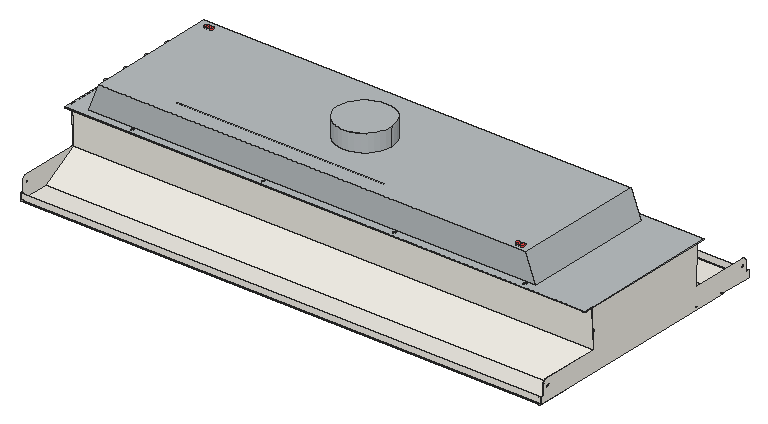
Revit family "NLRS_57_AIR_UN_induction-unit-okni600_LT_sacs", category Mechanical Equipment, Revit 2020
Family settings
  Round Connector Dimension = Use Diameter
  Classification = None
  Part Type = Normal
  OmniClass Number = 23.75.00.00
  OmniClass Title = Climate Control (HVAC)
  Work Plane-Based = No
  Always vertical = Yes
  Cut with Voids When Loaded = No
  Shared = No
  Room Calculation Point = No
Parameters (values of type "600-1200")
  Type Comments = "Do not mirror the model!"  # constant formula
  SACS_Type_Toggle = no
  SACS_Type_Mark [instance] = ""
  SACS_Standard_Color [instance] = yes
  SACS_Real_Width = 595.00 mm  # constant formula
  SACS_Real_Length [instance] = if(Requested length < SACS_Length_X2, SACS_Length_X2, if(Requested length > 2995.00 mm, 2995.00 mm, Requested length))  # 1195.00 mm
  SACS_Plenum_Offset = 555.00 mm
  SACS_Plenum_Material = Sendzimir verzinkt
  SACS_Plenum_L = 980.00 mm
  SACS_Option_4 [instance] = if([Flow configuration (1-3)] < 2, "2-sided", if([Flow configuration (1-3)] = 2, "1-sided left", "1-sided right"))  # "2-sided"
  SACS_Option_2 [instance] = if(Extravent, "AD", if([Nozzle plate type (1-7)] < 2, "A1", if([Nozzle plate type (1-7)] = 2, "A2", if([Nozzle plate type (1-7)] = 3, "B1", if([Nozzle plate type (1-7)] = 4, "B2", if([Nozzle plate type (1-7)] = 5, "B3", if([Nozzle plate type (1-7)] = 6, "C1", "C2")))))))  # "A1"
  SACS_Offset2 = 35.00 mm  # constant formula
  SACS_Offset1 = if(SACS_Base_Index > 2, 55.00 mm, 35.00 mm)  # 35.00 mm
  SACS_Model [instance] = size_lookup(SACS_Data_Hidden, "Model", "NB", SACS_Base_Index * 1.00 mm, SACS_Index1, SACS_Index2, SACS_Index3, SACS_Index4, SACS_Real_Width, SACS_Index5, SACS_Index6)  # "OKNI 600/1200 A1K2 TO32 O1O 595x1195 RAL9010-55"
  SACS_Logo_X = SACS_Plenum_L / 2 - 25.00 mm  # 465.00 mm
  SACS_Length_X2 = 1090.00 mm
  SACS_Length_X [instance] = if(or(SACS_Base_Index = 2, and(not(Extravent), SACS_Base_Index < 4)), 225.00 mm, 300.00 mm)  # 225.00 mm
  SACS_Length_STD = 1195.00 mm
  SACS_Index6 [instance] = if(SACS_Standard_Color, 1.00 mm, 0.00 mm)  # 1.00 mm
  SACS_Index5 [instance] = if(SACS_Real_Length = SACS_Length_STD, SACS_Length_STD, 0.00 mm)  # 1195.00 mm
  SACS_Index4 [instance] = if([Plenum type (1-3)] < 2, 1.00 mm, if([Plenum type (1-3)] = 2, 2.00 mm, 3.00 mm))  # 1.00 mm
  SACS_Index3 [instance] = if([Flow configuration (1-3)] < 2, 1.00 mm, if([Flow configuration (1-3)] = 2, 2.00 mm, 3.00 mm))  # 1.00 mm
  SACS_Index2 [instance] = if([Heat exchanger type (1-3)] < 2, 1.00 mm, if([Heat exchanger type (1-3)] = 2, 2.00 mm, 3.00 mm))  # 1.00 mm
  SACS_Index1 [instance] = if(Extravent, 0.00 mm, if([Nozzle plate type (1-7)] < 2, 1.00 mm, if([Nozzle plate type (1-7)] > 6, 7.00 mm, [Nozzle plate type (1-7)] * 1.00 mm)))  # 1.00 mm
  SACS_Height2 [instance] = if(Extravent, 80.00 mm, 60.00 mm)  # 60.00 mm
  SACS_Height1 [instance] = if(or(and(not(Extravent), SACS_Base_Index < 4), SACS_Base_Index = 1), 265.00 mm, if(SACS_Base_Index = 5, 340.00 mm, 300.00 mm))  # 265.00 mm
  SACS_Flange_Color [instance] = RAL9010
  SACS_Face_Color [instance] = RAL9010 Perforated
  SACS_Data_Hidden [instance] = if(Extravent, "OKNI_600_Extravent", "OKNI_600_Fixed")  # "OKNI_600_Fixed"
  SACS_Custom_Color [instance] = ""
  SACS_Connector_Base_Rotation [instance] = if([Plenum type (1-3)] < 2, 90.00°, if([Plenum type (1-3)] = 2, 180.00°, 0.00°))  # 90.00°
  SACS_Connecter_Height_Offset [instance] = if([Plenum type (1-3)] > 1, (SACS_Height1 - SACS_Diameter / 2) - 2.00 mm, SACS_Height2 - 14.00 mm)  # 46.00 mm
  SACS_Color_Ral [instance] = yes
  SACS_Color [instance] = if(SACS_Standard_Color, "Ral 9010-55", SACS_Custom_Color)  # "Ral 9010-55"
  SACS_Base_Index = 1
  SACS_Article_Code [instance] = size_lookup(SACS_Data_Hidden, "", "NB", SACS_Base_Index * 1.00 mm, SACS_Index1, SACS_Index2, SACS_Index3, SACS_Index4, SACS_Real_Width, SACS_Index5, SACS_Index6)  # "9001000306"
  SA-Select [instance] = "https://selectietool.solid-air.nl/Dashboard/CPMDashPage/Show/6"
  NLRS_P_c04_diameter [instance] = NLRS_P_c03_diameter  # 12.00 mm
  NLRS_P_c03_volumestroom [instance] = 0.0 L/s
  NLRS_P_c03_drukverlies_statisch [instance] = 0.0 Pa
  NLRS_P_c03_diameter [instance] = 12.00 mm  # constant formula
  NLRS_P_c02_diameter [instance] = NLRS_P_c01_diameter  # 12.00 mm
  NLRS_P_c01_volumestroom [instance] = 0.0 L/s
  NLRS_P_c01_drukverlies_statisch [instance] = 0.0 Pa
  NLRS_P_c01_diameter [instance] = if(SACS_Base_Index < 3, 12.00 mm, 15.00 mm)  # 12.00 mm
  NLRS_M_c01_drukverlies_statisch [instance] = 0.0 Pa
  NLRS_M_c01_debiet [instance] = 0.0 L/s
  NLRS_C_model [instance] = SACS_Model  # "OKNI 600/1200 A1K2 TO32 O1O 595x1195 RAL9010-55"
  NLRS_C_materiaal_kleur [instance] = SACS_Color  # "Ral 9010-55"
  NLRS_C_content_versie = "3.20.01"  # constant formula
  NLRS_C_content_provider = "Solid Air Climate Solutions"  # constant formula
  NLRS_C_content_datum_uitgifte = "30-05-2023"  # constant formula
  NLRS_C_content_creator = "J. Feeke"  # constant formula
  Model = "Solid Air Induction Unit OKNI 600"  # constant formula
  Minumum length OKNI [instance] = SACS_Length_X2  # 1090.00 mm
  Manufacturer = "Solid Air Climate Solutions"  # constant formula
  LoadBearing = 1 = 0  # no
  IfcExportType = "DIFFUSER"  # constant formula
  IfcExportAs = "IfcAirTerminalType"  # constant formula
  IfcDescription = Description  # "Induction unit for use in modular ceilings, Type OKNI 600"
  Heat exchanger type (1-3) [instance] = 1
  Nozzle plate type (1-7) [instance] = 1
  Plenum type (1-3) [instance] = 1
  Flow configuration (1-3) [instance] = 1
  Requested length [instance] = 1195.00 mm
  URL = "https://solid-air.nl/producten/solid-air-inductie-units-okni-450-600/"
  SACS_Option_3 [instance] = if([Heat exchanger type (1-3)] < 2, "K (cooling)", if([Heat exchanger type (1-3)] = 2, "V (cooling & heating)", "O (none)"))  # "K (cooling)"
  SACS_Option_1 [instance] = if(not(Extravent), "Fixed", "Adjustable")  # "Fixed"
  SACS_Diameter [instance] = NLRS_M_c01_diameter - 2.00 mm  # 123.00 mm
  SACS_Connection_Side [instance] = if([Plenum type (1-3)] < 2, "T (top connection)", if([Plenum type (1-3)] = 2, "L (left)", "R (right)"))  # "T (top connection)"
  SACS_Checked_Array_Count [instance] = if(SACS_Real_Length / 300.00 mm < 2, 2, SACS_Real_Length / 300.00 mm)  # 4
  NLRS_M_c01_diameter [instance] = if(SACS_Base_Index = 1, 125.00 mm, if(SACS_Base_Index = 5, 200.00 mm, if(Extravent, 160.00 mm, if(SACS_Base_Index = 4, 160.00 mm, 125.00 mm))))  # 125.00 mm
  FireRating = "00"  # constant formula
  Description = "Induction unit for use in modular ceilings, Type OKNI 600"  # constant formula
  Default Elevation = 0.00 mm
  Ceiling raster width [instance] = SACS_Real_Width + 5.00 mm  # 600.00 mm
  Ceiling raster length [instance] = SACS_Real_Length + 5.00 mm  # 1200.00 mm
  Assembly Code = "57.00"
  Extravent [instance] = no
Types (6, lengths in mm): name | SACS_Real_Length | SACS_Plenum_Offset | SACS_Plenum_L | SACS_Offset1 | SACS_Model | SACS_Logo_X | SACS_Length_X2 | SACS_Length_X | SACS_Length_STD | SACS_Index5 | SACS_Height1 | SACS_Base_Index | SACS_Article_Code | NLRS_P_c02_diameter | NLRS_P_c01_diameter | NLRS_C_model | Minumum length OKNI | Requested length | SACS_Diameter | SACS_Checked_Array_Count | NLRS_M_c01_diameter | Ceiling raster length
  (no name) | 1195.00 | 555.00 | 980.00 | 35.00 | "OKNI 600/1200 A1K2 TO32 O1O 595x1195 RAL9010-55" | 465.00 | 1090.00 | 225.00 | 1195.00 | 1195.00 | 265.00 | 1 | "9001000306" | 12.00 | 12.00 | "OKNI 600/1200 A1K2 TO32 O1O 595x1195 RAL9010-55" | 1090.00 | 1195.00 | 123.00 | 4 | 125.00 | 1200.00
  600-1200 | 1195.00 | 555.00 | 980.00 | 35.00 | "OKNI 600/1200 A1K2 TO32 O1O 595x1195 RAL9010-55" | 465.00 | 1090.00 | 225.00 | 1195.00 | 1195.00 | 265.00 | 1 | "9001000306" | 12.00 | 12.00 | "OKNI 600/1200 A1K2 TO32 O1O 595x1195 RAL9010-55" | 1090.00 | 1195.00 | 123.00 | 4 | 125.00 | 1200.00
  600-1500 | 1495.00 | 705.00 | 1280.00 | 35.00 | "OKNI 600/1500 A1K2 TO32 O1O 595x1495 RAL9010-55" | 615.00 | 1390.00 | 225.00 | 1495.00 | 1495.00 | 265.00 | 2 | "9001000307" | 12.00 | 12.00 | "OKNI 600/1500 A1K2 TO32 O1O 595x1495 RAL9010-55" | 1390.00 | 1495.00 | 123.00 | 5 | 125.00 | 1500.00
  600-1800 | 1795.00 | 840.00 | 1510.00 | 55.00 | "OKNI 600/1800 A1K2 TO32 O1O 595x1795 RAL9010-55" | 730.00 | 1640.00 | 225.00 | 1795.00 | 1795.00 | 265.00 | 3 | "9001000308" | 15.00 | 15.00 | "OKNI 600/1800 A1K2 TO32 O1O 595x1795 RAL9010-55" | 1640.00 | 1795.00 | 123.00 | 6 | 125.00 | 1800.00
  600-2400 | 2395.00 | 1140.00 | 2110.00 | 55.00 | "OKNI 600/2400 A1K2 TO42 O1O 595x2395 RAL9010-55" | 1030.00 | 2240.00 | 300.00 | 2395.00 | 2395.00 | 300.00 | 4 | "9001000309" | 15.00 | 15.00 | "OKNI 600/2400 A1K2 TO42 O1O 595x2395 RAL9010-55" | 2240.00 | 2395.00 | 158.00 | 8 | 160.00 | 2400.00
  600-3000 | 2995.00 | 1440.00 | 2710.00 | 55.00 | "OKNI 600/3000 A1K2 TO52 O1O 595x2995 RAL9010-55" | 1330.00 | 2840.00 | 300.00 | 2995.00 | 2995.00 | 340.00 | 5 | "9001000131" | 15.00 | 15.00 | "OKNI 600/3000 A1K2 TO52 O1O 595x2995 RAL9010-55" | 2840.00 | 2995.00 | 198.00 | 10 | 200.00 | 3000.00
Reference planes
  plane 1 "Center (Front/Back)": y = 0
  plane 2: z = 0
  plane 3 "Center (Left/Right)": x = 0
  plane 4 "Grid_Length_Left": x = -600
  plane 5 "Grid_Length_Right": x = 600
  plane 6 "Front": y = -297.5
  plane 7 "Line_Offset": z = 46
  plane 8 "Back": y = 297.5
  plane 9: x = -597.5
  plane 10: x = 597.5
  plane 11 "Left Holes": x = -450
  plane 12 "Hole_offset": x = -150
  plane 13 "Center_Plenum_X": x = -45
  plane 14 "Grid_Width_Back": y = 300
  plane 15 "Grid_Width_Front": y = -300
Forms (mm)
  Extrusion 1, solid, material "RAL9010 Perforated" <- "SACS_Face_Color", detail levels medium+fine
    sketch origin (-72.5, 50, 0) x (1, 0, 0) y (0, 1, 0)
      loop
        line (-524, 48.45) -> (-524, -148.45) -> (669, -148.45) -> (669, 48.45) -> (-524, 48.45)
    from 1 to 2
  Extrusion 2, solid, material "Sendzimir verzinkt" <- "SACS_Plenum_Material", detail levels medium+fine
    sketch origin (0, 0, 0) x (1, 0, 0) y (0, 1, 0)
      loop
        line (-597.5, 169.5) -> (-597.5, -169.5) -> (597.5, -169.5) -> (597.5, 169.5) -> (-597.5, 169.5)
    from 135 to 136
  Extrusion 3, solid, material "Copper", detail levels medium+fine
    sketch origin (0, 0, 0) x (1, 0, 0) y (0, 1, 0)
      loop
        circle (-565, 88) r 6
      loop
        circle (-565, 30) r 6
      loop
        circle (-565, -30) r 6
      loop
        circle (-565, -88) r 6
    from 136 to 166
  Sweep 4, solid, material "RAL9010" <- "SACS_Flange_Color", detail levels medium+fine
    path in 3D
      loop
        line (-596.5, 0, 0) -> (596.5, 0, 0)
    profile "profile okni_Side 600 : profile okni_Side 600" origin (0, 0, 0) x (0, 1, 0) y (0, 0, 1)
      loop
        line (98.45, 0.7) -> (151.767, 0.7)
        arc (151.767, 0.7) -> (153.699, 2.182) -> (152.768, 4.432) r 2
        line (152.768, 4.432) -> (117.75, 24.834)
        arc (117.75, 24.834) -> (117.384, 25.2) -> (117.25, 25.7) r 1
        line (117.25, 25.7) -> (117.25, 68.25) -> (116.25, 68.25) -> (116.25, 25.7)
        arc (116.25, 25.7) -> (116.518, 24.7) -> (117.249, 23.968) r 2
        line (117.249, 23.968) -> (152.268, 3.566)
        arc (152.268, 3.566) -> (152.733, 2.441) -> (151.767, 1.7) r 1
        line (151.767, 1.7) -> (98.45, 1.7) -> (98.45, 0.7)
      loop
        line (297.5, 1.75) -> (297.5, 16) -> (296.5, 16) -> (296.5, 1.824)
        arc (296.5, 1.824) -> (296.24, 1.197) -> (295.614, 0.937) r 0.886
        line (295.614, 0.937) -> (226, 0.937) -> (146.5, 47) -> (149.5, 133.991) -> (169.5, 133.991) -> (169.5, 135) -> (148.534, 135) -> (145.48, 46.435) -> (225.623, 0) -> (295.75, 0)
        arc (295.75, 0) -> (296.987, 0.513) -> (297.5, 1.75) r 1.75
      loop
        line (-98.45, 0.7) -> (-98.45, 1.7) -> (-151.767, 1.7)
        arc (-151.767, 1.7) -> (-152.733, 2.441) -> (-152.268, 3.566) r 1
        line (-152.268, 3.566) -> (-117.249, 23.968)
        arc (-117.249, 23.968) -> (-116.518, 24.7) -> (-116.25, 25.7) r 2
        line (-116.25, 25.7) -> (-116.25, 68.25) -> (-117.25, 68.25) -> (-117.25, 25.7)
        arc (-117.25, 25.7) -> (-117.384, 25.2) -> (-117.75, 24.834) r 1
        line (-117.75, 24.834) -> (-152.768, 4.432)
        arc (-152.768, 4.432) -> (-153.699, 2.182) -> (-151.767, 0.7) r 2
        line (-151.767, 0.7) -> (-98.45, 0.7)
      loop
        arc (-297.5, 1.75) -> (-296.987, 0.513) -> (-295.75, 0) r 1.75
        line (-295.75, 0) -> (-225.623, 0) -> (-145.48, 46.435) -> (-148.534, 135) -> (-169.5, 135) -> (-169.5, 133.991) -> (-149.5, 133.991) -> (-146.5, 47) -> (-226, 0.937) -> (-295.614, 0.937)
        arc (-295.614, 0.937) -> (-296.24, 1.197) -> (-296.5, 1.824) r 0.886
        line (-296.5, 1.824) -> (-296.5, 16) -> (-297.5, 16) -> (-297.5, 1.75)
  Extrusion 5, solid, material "Sendzimir verzinkt" <- "SACS_Plenum_Material", detail levels medium+fine
    sketch origin (-45, 0, 196) x (1, 0, 0) y (0, 1, 0)
      loop
        circle (0, 0.066) r 61.5
    from 0 to 40
Lines and regions (mm)
  model lines, style "MechanicalEquipmentHiddenLines", not visible
    curve 1: line (-596.5, 0, 0) -> (596.5, 0, 0)
  sketch lines
    curve 2: line (-596.5, 0, 0) -> (596.5, 0, 0)
  reference lines
    curve 3: line (-45, 0, 46) -> (-45, 0, 196)
Dimensions and locks
  "SACS_Connecter_Height_Offset": plane 7 "Line_Offset" to level
  equal spacing: Extrusion 3 sketch curve, plane 1 "Center (Front/Back)", Extrusion 3 sketch curve  (x2)
  locked: Extrusion 3 sketch curve to Extrusion 3 sketch curve at 60
  "SACS_Offset1": plane 4 "Grid_Length_Left" to Extrusion 3 sketch curve  (x2)
  locked: Extrusion 3 sketch curve to Extrusion 3 sketch curve at 176
  plane 1 "Center (Front/Back)" to Extrusion 1 sketch curve = 98.45 mm  (x2)
  locked: Extrusion 1 sketch curve to plane 5 "Grid_Length_Right" at 3.5
  locked: plane 4 "Grid_Length_Left" to Extrusion 1 sketch curve at 3.5
  equal spacing: plane 4 "Grid_Length_Left", plane 3 "Center (Left/Right)", plane 5 "Grid_Length_Right"  (x2)
  "Ceiling raster length": plane 4 "Grid_Length_Left" to plane 5 "Grid_Length_Right"
  locked: plane 4 "Grid_Length_Left" to plane 11 "Left Holes" at 150
  locked: plane 11 "Left Holes" to plane 12 "Hole_offset" at 300
  equal spacing: group 1, group 2, group 3, group 4  (x3)
  "SACS_Offset2": plane 4 "Grid_Length_Left" to Extrusion 3 sketch curve  (x2)
  locked: plane 4 "Grid_Length_Left" to plane 9 at 2.5
  locked: plane 10 to plane 5 "Grid_Length_Right" at 2.5
  Extrusion 2 sketch curve to plane 1 "Center (Front/Back)" to Extrusion 2 sketch curve = 169.50 mm locked, 169.50 mm locked
  locked: curve 1 to plane 5 "Grid_Length_Right" at 3.5
  locked: curve 1 to plane 4 "Grid_Length_Left" at 3.5
  "SACS_Plenum_Offset": plane 4 "Grid_Length_Left" to plane 13 "Center_Plenum_X"
  locked: curve 3 to curve 3 at 150
  locked: curve 3 to plane 7 "Line_Offset"
  locked: curve 3 to plane 1 "Center (Front/Back)"
  equal spacing: plane 14 "Grid_Width_Back", plane 1 "Center (Front/Back)", plane 15 "Grid_Width_Front"
  "Ceiling raster width": plane 14 "Grid_Width_Back" to plane 15 "Grid_Width_Front"
  locked: plane 14 "Grid_Width_Back" to plane 8 "Back" at 2.5
  locked: plane 6 "Front" to plane 15 "Grid_Width_Front" at 2.5
  "SACS_Logo_X": nested 9 to plane 13 "Center_Plenum_X"
  locked: plane 1 "Center (Front/Back)" to nested 9 at 135
  "SACS_Logo_X": plane 13 "Center_Plenum_X" to nested 10
  locked: nested 10 to plane 1 "Center (Front/Back)" at 135
  "NLRS_P_c01_diameter": diameter of Extrusion 3 sketch curve  (x2)
  "NLRS_P_c03_diameter": diameter of Extrusion 3 sketch curve  (x2)
  "SACS_Diameter": diameter of Extrusion 5 sketch curve
  "SACS_Connector_Base_Rotation": angle curve 3 to plane 7 "Line_Offset"
  aligned and locked: level to plane 2
  aligned and locked: plane 11 "Left Holes" to nested 1
  aligned and locked: plane 12 "Hole_offset" to nested 2
  aligned and locked: Extrusion 2 sketch curve to plane 10
  aligned and locked: plane 9 to Extrusion 2 sketch curve
  aligned and locked: plane 1 "Center (Front/Back)" to nested 7
  aligned and locked: plane 3 "Center (Left/Right)" to nested 8
  aligned and locked: nested 8 to plane 1 "Center (Front/Back)"
  aligned and locked: nested 5 to plane 1 "Center (Front/Back)"
  aligned and locked: nested 5 to plane 9
  aligned and locked: plane 1 "Center (Front/Back)" to nested 6
  aligned and locked: plane 10 to nested 6
  aligned and locked: plane 13 "Center_Plenum_X" to nested 7
Automatic sketch dimensions
  plane 1 "Center (Front/Back)" to curve 1 = 0.00 mm
  Extrusion 5 sketch curve to plane 13 "Center_Plenum_X" = 0.00 mm
  Extrusion 5 sketch curve to plane 1 "Center (Front/Back)" = 0.066 mm
Nested families
  nested 1: "Okni_hanger_holes 600" at (-450, 0, 136), type "Okni_hanger_holes"
  nested 2: "Okni_hanger_holes 600" at (-150, 0, 136), type "Okni_hanger_holes"
  nested 3: "Okni_hanger_holes 600" at (150, 0, 136), type "Okni_hanger_holes"
  nested 4: "Okni_hanger_holes 600" at (450, 0, 136), type "Okni_hanger_holes"
  nested 5: "Okni_Sideplate 600" at (-596.5, 0, 0) x (-1, 0, 0) z (0, 0, 1), type "Okni_Sideplate 600", detail levels medium+fine
  nested 6: "Okni_Sideplate 600" at (596.5, 0, 0), type "Okni_Sideplate 600", detail levels medium+fine
  nested 7: "Okni_Plenum 600" at (-45, 0, 136), type "Okni_Plenum", detail levels medium+fine
  nested 8: "Supply_Arrows_OKNI" at (0, 0, 0) x (0, 1, 0) z (0, 0, 1), type "Supply_Arrows_OKNI"
  nested 9: "logo_single" at (-510, 135, 196), type "logo_single", detail levels medium+fine
  nested 10: "logo_single" at (420, -135, 196), type "logo_single", detail levels medium+fine
Connectors
  hvac at (-45, 0.066, 196), driven by "NLRS_M_c01_diameter", driven by "NLRS_M_c01_drukverlies_statisch", driven by "NLRS_M_c01_debiet"
    settings: on Extrusion 5, index 1, duct flow 0.0 L/s, flow factor 0, pres drop 0.0 Pa, loss coef 0, conn angle 0.00°, conn width 304.8 mm, conn height 304.8 mm, conn diameter 125 mm, duct sys type 1, conn prof type 0, flow config 1, flow direction 1, loss method 4, conn ref index -1, conn util no, is conn primary yes, conn desc ""
  piping at (-565, 30, 166), diameter 12, driven by "NLRS_P_c04_diameter", driven by "NLRS_P_c03_drukverlies_statisch", driven by "NLRS_P_c03_volumestroom"
    settings: on Extrusion 3, index 2, connector inside diameter 609.6 mm, connector length 0.00 mm, flow factor 0, pipe flow 0.0 L/s, pressure drop 0.0 Pa, fitting loss kfactor 0, connector angle 0.00°, fixture units 0, engagement length 0.00 mm, angle of deflection 0.00°, flow configuration 1, flow direction 0, fitting loss method 4, system type 29, joint type 0, gender type 0, connector reference index -1, connector utility 0, adjustable connector no, is connector primary yes, connector description "Heating"
  piping at (-565, -30, 166), diameter 12, driven by "NLRS_P_c03_diameter", driven by "NLRS_P_c03_volumestroom", driven by "NLRS_P_c03_drukverlies_statisch"
    settings: on Extrusion 3, index 3, connector inside diameter 609.6 mm, connector length 0.00 mm, flow factor 0, pipe flow 0.0 L/s, pressure drop 0.0 Pa, fitting loss kfactor 0, connector angle 0.00°, fixture units 0, engagement length 0.00 mm, angle of deflection 0.00°, flow configuration 1, flow direction 0, fitting loss method 4, system type 29, joint type 0, gender type 0, connector reference index -1, connector utility 0, adjustable connector no, is connector primary no, connector description "Heating"
  piping at (-565, 88, 166), diameter 12, driven by "NLRS_P_c01_volumestroom", driven by "NLRS_P_c01_drukverlies_statisch", driven by "NLRS_P_c01_diameter"
    settings: on Extrusion 3, index 4, connector inside diameter 609.6 mm, connector length 0.00 mm, flow factor 0, pipe flow 0.0 L/s, pressure drop 0.0 Pa, fitting loss kfactor 0, connector angle 0.00°, fixture units 0, engagement length 0.00 mm, angle of deflection 0.00°, flow configuration 1, flow direction 0, fitting loss method 4, system type 29, joint type 0, gender type 0, connector reference index -1, connector utility 0, adjustable connector no, is connector primary no, connector description "Cooling"
  piping at (-565, -88, 166), diameter 12, driven by "NLRS_P_c01_volumestroom", driven by "NLRS_P_c01_drukverlies_statisch", driven by "NLRS_P_c01_diameter"
    settings: on Extrusion 3, index 5, connector inside diameter 609.6 mm, connector length 0.00 mm, flow factor 0, pipe flow 0.0 L/s, pressure drop 0.0 Pa, fitting loss kfactor 0, connector angle 0.00°, fixture units 0, engagement length 0.00 mm, angle of deflection 0.00°, flow configuration 1, flow direction 0, fitting loss method 4, system type 29, joint type 0, gender type 0, connector reference index -1, connector utility 0, adjustable connector no, is connector primary no, connector description ""
Definition of nested family "Okni_Sideplate 600"
  Parameters (values of type "Okni_Sideplate 600")
    y8 = 31.50 mm  # constant formula
    y7 = 135.00 mm  # constant formula
    y6 = 16.00 mm  # constant formula
    y3 = 1.00 mm  # constant formula
    y1 = 47.00 mm  # constant formula
    x6 = 146.50 mm  # constant formula
    x5 = 559.00 mm / 2  # 279.50 mm
    x4 = 569.40 mm / 2  # 284.70 mm
    x3 = 581.40 mm / 2  # 290.70 mm
    x2 = 446.00 mm / 2  # 223.00 mm
    x1 = 299.00 mm / 2  # 149.50 mm
    material = none
    y2 = 40.00 mm  # constant formula
    Type_400 = yes
    Half_Width = 593.00 mm / 2  # 296.50 mm
    Default Elevation = 0.00 mm
  Reference planes
    plane 1 "Center (Front/Back)": y = 0
    plane 2: z = 0
    plane 3 "Center (Left/Right)": x = 0
  Forms (mm)
    Extrusion 1, solid, material <- "material"
      sketch origin (0, 0, 0) x (0, 1, 0) y (0, 0, 1)
        loop
          line (0, 0) -> (223, 0) -> (223, 1) -> (296.5, 1) -> (296.5, 16) -> (290.7, 16) -> (290.7, 40) -> (284.7, 47) -> (146.5, 47) -> (149.5, 135) -> (0, 135) -> (-149.5, 135) -> (-146.5, 47) -> (-284.7, 47) -> (-290.7, 40) -> (-290.7, 16) -> (-296.5, 16) -> (-296.5, 1) -> (-223, 1) -> (-223, 0) -> (0, 0)
        loop
          circle (279.5, 31.5) r 4
        loop
          circle (-279.5, 31.5) r 4
      from 0 to 1
    Extrusion 2, solid, material <- "material"
      sketch origin (0, 0, 0) x (1, 0, 0) y (0, 1, 0)
        loop
          line (-13.8, 223) -> (-13.8, -223) -> (0, -223) -> (0, 223) -> (-13.8, 223)
      from 0 to 1
  Cuts and joins
    joined: Extrusion 1, Extrusion 2
  Dimensions and locks
    "y3": Extrusion 1 sketch curve to Extrusion 1 sketch curve  (x2)
    "y6": Extrusion 1 sketch curve to Extrusion 1 sketch curve  (x2)
    "y1": Extrusion 1 sketch curve to Extrusion 1 sketch curve  (x2)
    "y2": Extrusion 1 sketch curve to Extrusion 1 sketch curve  (x2)
    "y7": Extrusion 1 sketch curve to Extrusion 1 sketch curve  (x2)
    "x1": Extrusion 1 sketch curve to plane 1 "Center (Front/Back)" to Extrusion 1 sketch curve
    "x3": Extrusion 1 sketch curve to plane 1 "Center (Front/Back)" to Extrusion 1 sketch curve
    "x2": Extrusion 1 sketch curve to plane 1 "Center (Front/Back)" to Extrusion 1 sketch curve
    "Half_Width": Extrusion 1 sketch curve to plane 1 "Center (Front/Back)" to Extrusion 1 sketch curve
    "x2": plane 1 "Center (Front/Back)" to Extrusion 2 sketch curve
    "x2": Extrusion 2 sketch curve to plane 1 "Center (Front/Back)"
    "y8": Extrusion 1 sketch curve to level  (x2)
    "x5": Extrusion 1 sketch curve to plane 1 "Center (Front/Back)"
    "x5": plane 1 "Center (Front/Back)" to Extrusion 1 sketch curve
    "x4": Extrusion 1 sketch curve to plane 1 "Center (Front/Back)" to Extrusion 1 sketch curve
    "x6": Extrusion 1 sketch curve to plane 1 "Center (Front/Back)" to Extrusion 1 sketch curve
    locked: Extrusion 2 sketch curve to plane 3 "Center (Left/Right)" at 13.8
    aligned and locked: level to plane 2
  Automatic sketch dimensions
    Extrusion 1 sketch curve to plane 1 "Center (Front/Back)" = 0.00 mm  (x2)
    Extrusion 1 sketch curve to level = 0.00 mm
    Extrusion 2 sketch curve to plane 3 "Center (Left/Right)" = 0.00 mm
    radius of Extrusion 1 sketch curve = 4.00 mm  (x2)
Definition of nested family "Okni_Plenum 600"
  Parameters (values of type "Okni_Plenum")
    material = none
    Type_Left = Connection_Type = 2  # no
    Show_Plenum = Connection_Type > 1  # no
    Plenum_Width = 225.00 mm
    Plenum_Top_Height = Plenum_H - 135.00 mm  # 130.00 mm
    Plenum_H = 265.00 mm
    Plenum_Base_Width = 980.00 mm
    Plenum_Base_Height = 60.00 mm
    Plenum_Base_Angle = if(Plenum_Base_Height = 40.00 mm, 60.00°, 69.00°)  # 69.00°
    Default Elevation = 0.00 mm
    Connection_Type = 1
    B = 300.00 mm  # constant formula
    Angle_Right = if(Type_Left, 90.00°, 40.00°)  # 40.00°
    Angle_Left = if(Type_Left, 40.00°, 90.00°)  # 90.00°
  Reference planes
    plane 1 "Center (Front/Back)": y = 0
    plane 2: z = 0
    plane 3 "Center (Left/Right)": x = 0
    plane 4: y = 150
    plane 5: y = -150
    plane 6: z = 130
    plane 7: x = -112.5
    plane 8: x = 112.5
    plane 9 "left": x = -490
    plane 10: x = 490
    plane 11: z = 60
  Forms (mm)
    Extrusion 1, solid, material <- "material", visible <- "Show_Plenum"
      sketch origin (0, 0, 40) x (0, 1, 0) y (0, 0, 1)
        loop
          line (150, 20) -> (150, 90) -> (-66.577, 90) -> (-150, 20) -> (150, 20)
      from -112.5 to 112.5
    Extrusion 2, solid, material <- "material"
      sketch origin (0, 0, 0) x (1, 0, 0) y (0, 0, 1)
        loop
          line (-490, 60) -> (-513.032, 0) -> (513.032, 0) -> (490, 60) -> (-490, 60)
      from -150 to 150
  Dimensions and locks
    plane 4 to plane 1 "Center (Front/Back)" = 150.00 mm
    plane 1 "Center (Front/Back)" to plane 5 = 150.00 mm
    equal spacing: plane 7, plane 3 "Center (Left/Right)", plane 8
    "Plenum_Width": plane 7 to plane 8
    equal spacing: plane 9 "left", plane 3 "Center (Left/Right)", plane 10
    "Plenum_Base_Width": plane 9 "left" to plane 10
    "Plenum_Base_Height": plane 11 to level
    "Plenum_Top_Height": plane 6 to level
    equal spacing: plane 5, plane 1 "Center (Front/Back)", plane 4
    "B": plane 5 to plane 4
    "Angle_Left": angle Extrusion 1 sketch curve to Extrusion 1 sketch curve
    "Angle_Right": angle Extrusion 1 sketch curve to Extrusion 1 sketch curve
    "Plenum_Base_Angle": angle Extrusion 2 sketch curve to Extrusion 2 sketch curve  (x2)
    aligned and locked: level to plane 2
    aligned and locked: plane 6 to Extrusion 1 sketch curve
    aligned and locked: plane 5 to Extrusion 1 sketch curve
    aligned and locked: plane 4 to Extrusion 1 sketch curve
    aligned and locked: Extrusion 1 to plane 7
    aligned and locked: plane 8 to Extrusion 1
    aligned and locked: plane 9 "left" to Extrusion 2 sketch curve
    aligned and locked: plane 10 to Extrusion 2 sketch curve
    aligned and locked: Extrusion 2 to plane 4
    aligned and locked: plane 5 to Extrusion 2
    aligned and locked: Extrusion 2 to plane 5
    aligned and locked: Extrusion 1 sketch curve to plane 11
    aligned and locked: plane 11 to Extrusion 2 sketch curve
  Automatic sketch dimensions
    Extrusion 2 sketch curve to level = 0.00 mm
Definition of nested family "logo_single"
  Parameters (values of type "logo_single")
    t = 5.00 mm
    Model = "LOD 400"
    Description = "Model type"
    Default Elevation = 1219.20 mm
  Reference planes
    plane 1 "Center (Front/Back)": y = 0
    plane 2: z = 0
    plane 3 "Center (Left/Right)": x = 0
    plane 4: z = 2
    plane 5: x = -10
    plane 6: y = -5
    plane 7: y = 5
    plane 8: x = -5
    plane 9: x = 5
    plane 10: x = 10
  Forms (mm)
    Extrusion 1, solid
      sketch origin (-547.644, -297.937, 0) x (1, 0, 0) y (0, 1, 0)
        loop
          arc (542.644, 302.937) -> (537.644, 297.937) -> (542.644, 292.937) r 5
          line (542.644, 292.937) -> (542.644, 297.937) -> (547.644, 292.937) -> (547.644, 297.937) -> (542.644, 302.937)
      from 0 to 2
    Extrusion 2, solid
      sketch origin (0, 0, 0) x (1, 0, 0) y (0, 1, 0)
        loop
          arc (5, -5) -> (10, 0) -> (5, 5) r 5
          line (5, 5) -> (5, 0) -> (0, 5) -> (0, 0) -> (5, -5)
      from 0 to 2
  Dimensions and locks
    "t": plane 7 to plane 1 "Center (Front/Back)"
    "t": plane 6 to plane 1 "Center (Front/Back)"
    "t": plane 5 to plane 8
    "t": plane 8 to plane 3 "Center (Left/Right)"
    "t": plane 3 "Center (Left/Right)" to plane 9
    "t": plane 9 to plane 10
    aligned and locked: level to plane 2
    aligned and locked: plane 4 to Extrusion 1
  Automatic sketch dimensions
    plane 1 "Center (Front/Back)" to Extrusion 1 sketch curve = 0.00 mm  (x3)
    Extrusion 1 sketch curve to plane 8 = 0.00 mm
    Extrusion 1 sketch curve to plane 7 = 0.00 mm
    Extrusion 1 sketch curve to plane 3 "Center (Left/Right)" = 0.00 mm
    Extrusion 1 sketch curve to plane 6 = 0.00 mm
    Extrusion 2 sketch curve to plane 3 "Center (Left/Right)" = 0.00 mm
    plane 1 "Center (Front/Back)" to Extrusion 2 sketch curve = 0.00 mm  (x3)
    Extrusion 2 sketch curve to plane 6 = 0.00 mm
    Extrusion 2 sketch curve to plane 9 = 0.00 mm
    Extrusion 2 sketch curve to plane 7 = 0.00 mm
Definition of nested family "Supply_Arrows_OKNI"
  Parameters (values of type "Supply_Arrows_OKNI")
    Width = 295.00 mm
    Right = not(Flow Type = 2)  # yes
    Offset = (Length - ((Count - 1) * 300.00 mm)) / 2  # 147.50 mm
    Length = 1195.00 mm
    Left = Flow Type < 3  # yes
    Flow Type = 1
    Enabled = yes
    Count = rounddown((Length - 150.00 mm) / 300.00 mm) + 1  # 4
  Reference planes
    plane 1 "Center (Front/Back)": y = 0
    plane 2: z = 0
    plane 3 "Center (Left/Right)": x = 0
    plane 4: y = 597.5
    plane 5: y = 0
    plane 6: y = -597.5
    plane 7: x = 0
    plane 8: y = 0
    plane 9 "left": x = -147.5
    plane 10 "right": x = 147.5
  Lines and regions (mm)
    detail lines, in view "Ref. Level", detail levels coarse
      curve 1: line (147.5, 597.5, 0) -> (-147.5, 597.5, 0)
      curve 2: line (147.5, -597.5, 0) -> (147.5, 597.5, 0)
      curve 3: line (-147.5, -597.5, 0) -> (147.5, -597.5, 0)
      curve 4: line (-147.5, 597.5, 0) -> (-147.5, -597.5, 0)
      curve 5: line (-147.5, 597.5, 0) -> (147.5, -597.5, 0)
      curve 6: line (147.5, 597.5, 0) -> (-147.5, -597.5, 0)
  Dimensions and locks
    locked: plane 3 "Center (Left/Right)" to plane 7
    equal spacing: plane 4, plane 1 "Center (Front/Back)", plane 6
    "Length": plane 4 to plane 6
    equal spacing: plane 9 "left", plane 3 "Center (Left/Right)", plane 10 "right"
    "Width": plane 9 "left" to plane 10 "right"
    locked: plane 10 "right" to nested 1 at 25
    locked: nested 2 to plane 9 "left" at 25
    "Offset": nested 1 to plane 6
    equal spacing: group 1, group 2, group 3, group 4  (x3)
    locked: nested 1 to nested 3 at 300
    locked: plane 10 "right" to nested 3 at 25
    "Offset": nested 2 to plane 6
    equal spacing: group 5, group 6, group 7, group 8  (x3)
    locked: nested 6 to nested 2 at 300
    locked: nested 6 to plane 9 "left" at 25
    aligned and locked: plane 4 to curve 1
    aligned and locked: curve 3 to plane 6
    aligned and locked: curve 4 to plane 9 "left"
    aligned and locked: plane 6 to curve 2
    aligned and locked: plane 10 "right" to curve 2
  Nested families
    nested 1: "Arrow" at (172.5, -450, 0), visible <- "Right", type "Arrow", in view "Ref. Level"
    nested 2: "Arrow" at (-172.5, -450, 0) x (-1, 0, 0) z (0, 0, 1), visible <- "Left", type "Arrow", in view "Ref. Level"
    nested 3: "Arrow" at (172.5, -150, 0), visible <- "Right", type "Arrow", in view "Ref. Level"
    nested 4: "Arrow" at (172.5, 150, 0), visible <- "Right", type "Arrow", in view "Ref. Level"
    nested 5: "Arrow" at (172.5, 450, 0), visible <- "Right", type "Arrow", in view "Ref. Level"
    nested 6: "Arrow" at (-172.5, -150, 0) x (-1, 0, 0) z (0, 0, 1), visible <- "Left", type "Arrow", in view "Ref. Level"
    nested 7: "Arrow" at (-172.5, 150, 0) x (-1, 0, 0) z (0, 0, 1), visible <- "Left", type "Arrow", in view "Ref. Level"
    nested 8: "Arrow" at (-172.5, 450, 0) x (-1, 0, 0) z (0, 0, 1), visible <- "Left", type "Arrow", in view "Ref. Level"
  Definition of nested family "Arrow"
    Parameters (values of type "Arrow")
      Offset = 400.00 mm
      Arrow_Length = 175.00 mm  # constant formula
    Reference planes
      plane 1 "Center (Front/Back)": y = 0
      plane 2: z = 0
      plane 3 "Center (Left/Right)": x = 0
      plane 4: x = 175
      plane 5: y = 0
      plane 6: x = 175
      plane 7: x = 0
      plane 8: y = 0
    Lines and regions (mm)
      Filled region 1, type "Solid Fill - Black", in view "Ref. Level"
        outline origin (0, 0, 0) x (0, -1, 0) y (1, 0, 0)
          loop
            line (0, 175) -> (-21.131, 129.685) -> (21.131, 129.685) -> (0, 175)
      detail lines, in view "Ref. Level"
        curve 1: line (0, 0, 0) -> (152.343, 0, 0)
    Dimensions and locks
      locked: plane 3 "Center (Left/Right)" to plane 7
      locked: plane 8 to plane 1 "Center (Front/Back)" at 0
      locked: Filled region 1 sketch curve to Filled region 1 sketch curve at 50  (x2)
      "Arrow_Length": plane 3 "Center (Left/Right)" to plane 6
      locked: Filled region 1 sketch curve to curve 1 (angle 25.00°)
      locked: curve 1 to Filled region 1 sketch curve (angle 25.00°)
    Automatic sketch dimensions
      plane 1 "Center (Front/Back)" to Filled region 1 sketch curve = 0.00 mm
      Filled region 1 sketch curve to plane 4 = 45.315 mm
      plane 1 "Center (Front/Back)" to curve 1 = 0.00 mm
      curve 1 to plane 3 "Center (Left/Right)" = 0.00 mm
      curve 1 to plane 4 = 22.657 mm
